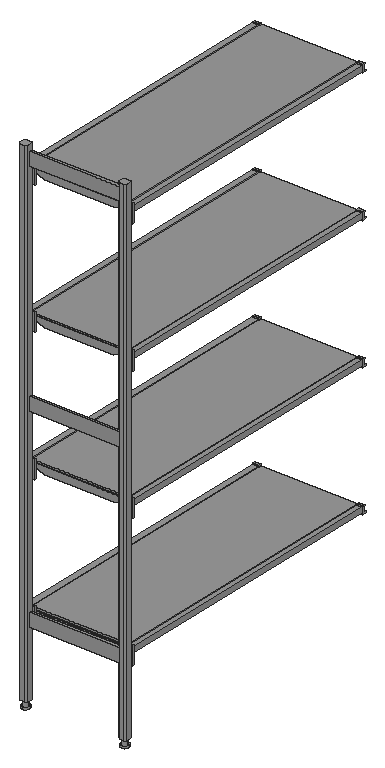
Revit family "QF_ZANUSSI_137053_ACS1006", category Attrezzature speciali, Revit 2020
Family settings
  Quota connettore circolare = Usa diametro
  Tipo di parte = Normale
  Basato su piano di lavoro = No
  Sempre verticale = Sì
  Taglio con vuoti quando caricato = No
  Condiviso = No
  Punto di calcolo locali = No
Parameters (values of type "Standard")
  Weight = 16.00 kg
  Watts = 0 W
  Volts = 0 V
  URL Manufacturer = "http://www.zanussiprofessional.com"
  URL = "http://www.zanussiprofessional.com"
  Steam Supply Size = 0 mm
  Steam Supply Minimum Pressure = 0.0 Pa
  Steam Supply Maximum Pressure = 0.0 Pa
  Steam Consumption per Hour = 0
  Refrigeration Suction Line Size = 0.0 mm
  Refrigeration Liquid Line Size = 0.0 mm
  Refrigerant Compressor Remote = yes
  Prospetto di default = 0.0 mm
  Phase = 0
  Modello = "ACS1006"
  Produttore = "Zanussi"
  Length Actual = 1019.0 mm  # constant formula
  Item Number = "137053"
  Hot Water Size = 0 mm
  Height Actual = 1700.0 mm  # constant formula
  HP = "0 HP"
  Gas Size = 0 mm
  Gas KW = 0
  Gas Input Pressure = 0 W
  Direct Waste Size = 0 mm
  Descrizione = "ALUM.CORNER SHELV.-POLY.TIERS-373X1010MM"
  Depth Actual = 373.0 mm  # constant formula
  Cycle = 0 Hz
  Condensate Return Size = 0 mm
  Compressed Air Volume = 0.0 L/s
  Compressed Air Size = 0 mm
  Compressed Air Pressure = 0.0 Pa
  Cold Water Size = 0 mm
  Accessory = yes
Reference planes
  plane 1: z = 0
  plane 2 "Center (F/B)": y = -163.5
  plane 3 "Front": y = -549.5
  plane 4 "Left": x = -217.5
  plane 5 "Right": x = 155.5
  plane 6 "TOP": z = 1700
  plane 7: y = -513
  plane 8: y = 461
  plane 9 "Center (Left/Right)": x = -31
  plane 10: y = 456
  plane 11: x = -186
  plane 12: x = 124
  plane 13 "FEET": z = 25
  plane 14: z = 275
  plane 15: z = 725
  plane 16: z = 1175
  plane 17: z = 1625
  plane 18 "CXLeft": y = -535.5
  plane 19: x = -200
  plane 20 "CYBack": x = -200
  plane 21 "CYFront": x = 138
  plane 22 "Back": y = 469.5
  plane 23 "LEFT_ORIGIN": x = -251.5
  plane 24 "BACK_Origin": y = 842.5
Forms (mm)
  Extrusion 1, solid, material "QF_Aluminum"
    sketch origin (0, -549.5, 0) x (-1, 0, 0) y (0, 0, 1)
      loop
        line (198.5, 1650.994) -> (198.5, 1632.998) -> (217.5, 1632.998) -> (217.5, 1650.994) -> (198.5, 1650.994)
      loop
        line (-136.5, 1650.994) -> (-155.5, 1650.994) -> (-155.5, 1632.998) -> (-136.5, 1632.998) -> (-136.5, 1650.994)
      loop
        line (198.5, 1200.994) -> (198.5, 1182.998) -> (217.5, 1182.998) -> (217.5, 1200.994) -> (198.5, 1200.994)
      loop
        line (-136.5, 1200.994) -> (-155.5, 1200.994) -> (-155.5, 1182.998) -> (-136.5, 1182.998) -> (-136.5, 1200.994)
      loop
        line (198.5, 750.994) -> (198.5, 732.998) -> (217.5, 732.998) -> (217.5, 750.994) -> (198.5, 750.994)
      loop
        line (-136.5, 750.994) -> (-155.5, 750.994) -> (-155.5, 732.998) -> (-136.5, 732.998) -> (-136.5, 750.994)
      loop
        line (198.5, 300.994) -> (198.5, 282.998) -> (217.5, 282.998) -> (217.5, 300.994) -> (198.5, 300.994)
      loop
        line (-136.5, 300.994) -> (-155.5, 300.994) -> (-155.5, 282.998) -> (-136.5, 282.998) -> (-136.5, 300.994)
    from 36.5 to 1010.5
  Extrusion 2, solid, material "QF_Polyethylene"
    sketch origin (0, -549.5, 0) x (-1, 0, 0) y (0, 0, 1)
      loop
        line (196.507, 1650.994) -> (-134.5, 1650.994) -> (-134.5, 1644.496) -> (196.507, 1644.496) -> (196.507, 1650.994)
      loop
        line (196.507, 1200.994) -> (-134.5, 1200.994) -> (-134.5, 1194.496) -> (196.507, 1194.496) -> (196.507, 1200.994)
      loop
        line (196.507, 750.994) -> (-134.5, 750.994) -> (-134.5, 744.496) -> (196.507, 744.496) -> (196.507, 750.994)
      loop
        line (196.507, 300.994) -> (-134.5, 300.994) -> (-134.5, 294.496) -> (196.507, 294.496) -> (196.507, 300.994)
    from 36.5 to 1010.5
Lines and regions (mm)
  symbolic lines
    curve 1: line (-198.5, 461, 1700) -> (-198.5, -513, 1700)
    curve 2: line (-217.5, -517, 1700) -> (-217.5, 461, 1700)
    curve 3: line (155.5, -517, 1700) -> (155.5, 461, 1700)
    curve 4: line (-181.507, -513, 1700) -> (119.507, -513, 1700)
    curve 5: line (136.5, -513, 1700) -> (136.5, 461, 1700)
    curve 6: line (-198.5, 461, 1700) -> (136.5, 461, 1700)
Dimensions and locks
  plane 3 "Front" to plane 2 "Center (F/B)" = 386.0 mm
  locked: plane 6 "TOP" to level at 1700
  locked: plane 4 "Left" to plane 5 "Right" at 373
  locked: plane 7 to plane 8 at 974
  locked: plane 3 "Front" to plane 7 at 36.5
  plane 10 to plane 8 = 5.0 mm
  locked: plane 11 to plane 12 at 310
  equal spacing: plane 11, plane 9 "Center (Left/Right)", plane 12
  equal spacing: plane 4 "Left", plane 9 "Center (Left/Right)", plane 5 "Right"
  plane 13 "FEET" to level = 25.0 mm
  plane 6 "TOP" to plane 13 "FEET" = 1675.0 mm
  plane 14 to plane 13 "FEET" = 250.0 mm
  plane 15 to plane 14 = 450.0 mm
  plane 16 to plane 15 = 450.0 mm
  plane 17 to plane 16 = 450.0 mm
  locked: plane 3 "Front" to plane 18 "CXLeft" at 14
  locked: plane 3 "Front" to plane 22 "Back" at 1019
  plane 23 "LEFT_ORIGIN" to plane 5 "Right" = 407.0 mm
  locked: plane 22 "Back" to plane 24 "BACK_Origin" at 373
  aligned and locked: level to plane 1
  aligned and locked: Extrusion 2 to plane 7
  aligned and locked: plane 8 to Extrusion 2
  aligned and locked: Extrusion 1 to plane 7
  aligned and locked: plane 8 to Extrusion 1
  aligned and locked: Extrusion 1 sketch curve to Extrusion 1 sketch curve  (x2)
  aligned and locked: nested 1 to plane 18 "CXLeft"
  aligned and locked: nested 2 to plane 10
Automatic sketch dimensions
  curve 2 to plane 4 "Left" = 0.0 mm
  curve 3 to plane 5 "Right" = 0.0 mm
  plane 7 to curve 1 = 0.0 mm
  plane 7 to curve 4 = 0.0 mm
  plane 7 to curve 5 = 0.0 mm
  plane 8 to curve 2 = 0.0 mm
  plane 8 to curve 1 = 0.0 mm
  plane 8 to curve 3 = 0.0 mm
  plane 21 "CYFront" to curve 5 = 1.5 mm
  plane 19 to curve 6 = 1.5 mm
  plane 7 to curve 3 = 4.0 mm
  plane 7 to curve 2 = 4.0 mm
  plane 12 to curve 4 = 4.493 mm
  curve 4 to plane 11 = 4.493 mm
  plane 5 "Right" to Extrusion 1 sketch curve = 0.0 mm  (x4)
  plane 4 "Left" to Extrusion 1 sketch curve = 0.0 mm  (x4)
  plane 21 "CYFront" to Extrusion 1 sketch curve = 1.5 mm  (x2)
  plane 19 to Extrusion 1 sketch curve = 1.5 mm  (x4)
  plane 14 to Extrusion 1 sketch curve = 7.998 mm  (x2)
  Extrusion 1 sketch curve to Extrusion 1 sketch curve = 17.997 mm  (x8)
  plane 15 to Extrusion 1 sketch curve = 7.998 mm  (x2)
  plane 16 to Extrusion 1 sketch curve = 7.998 mm  (x2)
  plane 17 to Extrusion 1 sketch curve = 7.998 mm  (x2)
  plane 21 "CYFront" to Extrusion 2 sketch curve = 3.5 mm  (x4)
  plane 19 to Extrusion 2 sketch curve = 3.493 mm  (x4)
  plane 14 to Extrusion 2 sketch curve = 19.496 mm
  Extrusion 2 sketch curve to Extrusion 2 sketch curve = 6.499 mm  (x4)
  plane 15 to Extrusion 2 sketch curve = 19.496 mm
  plane 16 to Extrusion 2 sketch curve = 19.496 mm
  plane 17 to Extrusion 2 sketch curve = 19.496 mm
Nested families
  nested 1: "WT_Anta373" at (-194.5, -132.5, 0) x (0, 1, 0) z (0, 0, 1), type "WT_Anta373"
  nested 2: "WT_Aggancio373" at (-194.5, 873, 0) x (0, 1, 0) z (0, 0, 1), type "WT_Aggancio373"
Definition of nested family "WT_Anta373"
  Parameters
    WidthLeft = A + 64.0 mm  # 772.0 mm
    Width = 1606.0 mm
    Right = WidthLeft / 2  # 386.0 mm
    Default Elevation = 0.0 mm
    Left = -WidthLeft / 2  # -386.0 mm
    Height = 1725.0 mm
    FEET = 25.0 mm
    E = 0.0 mm
    Dint = Depth - 63.0 mm  # 310.0 mm
    Dext = Depth - 8.0 mm  # 365.0 mm
    Depth = 373.0 mm
    DX = (WidthLeft - A) / 2  # 32.0 mm
    B = 798.0 mm
    A = 708.0 mm
  Reference planes
    plane 1: z = 0
    plane 2 "LEFT": x = -417
    plane 3 "BACK": y = 23
    plane 4 "FRONT": y = -350
    plane 5 "TOP": z = 1725
    plane 6 "Center (Front/Back)": y = -163.5
    plane 7: y = -8.5
    plane 8: y = -318.5
    plane 9 "FEET": z = 25
    plane 10: z = 275
    plane 11: z = 725
    plane 12: z = 1175
    plane 13: z = 1625
    plane 14 "CXLeft": x = -403
    plane 15: y = 5.5
    plane 16 "CYBack": y = 5.5
    plane 17 "CYFront": y = -332.5
    plane 18: x = -385.031
    plane 19: x = -380.031
  Forms (mm)
    Extrusion 1, solid
      sketch origin (0, 0, 0) x (1, 0, 0) y (0, 1, 0)
        loop
          line (-417, 13.246) -> (-417, -2.246) -> (-410.746, -8.5) -> (-395.254, -8.5) -> (-389, -2.246) -> (-389, 13.246) -> (-395.254, 19.5) -> (-410.746, 19.5) -> (-417, 13.246)
      from 1725 to 25
    Extrusion 2, solid
      sketch origin (-417, 0, 0) x (0, 1, 0) y (0, 0, 1)
        loop
          line (23, 246.005) -> (23, 307.993) -> (-12.993, 307.993) -> (-12.993, 246.005) -> (23, 246.005)
        loop
          line (-350, 246.005) -> (-314.007, 246.005) -> (-314.007, 307.993) -> (-350, 307.993) -> (-350, 246.005)
        loop
          line (23, 696.005) -> (23, 757.993) -> (-12.993, 757.993) -> (-12.993, 696.005) -> (23, 696.005)
        loop
          line (-350, 696.005) -> (-314.007, 696.005) -> (-314.007, 757.993) -> (-350, 757.993) -> (-350, 696.005)
        loop
          line (23, 1146.005) -> (23, 1207.993) -> (-12.993, 1207.993) -> (-12.993, 1146.005) -> (23, 1146.005)
        loop
          line (-350, 1146.005) -> (-314.007, 1146.005) -> (-314.007, 1207.993) -> (-350, 1207.993) -> (-350, 1146.005)
        loop
          line (23, 1596.005) -> (23, 1657.993) -> (-12.993, 1657.993) -> (-12.993, 1596.005) -> (23, 1596.005)
        loop
          line (-350, 1596.005) -> (-314.007, 1596.005) -> (-314.007, 1657.993) -> (-350, 1657.993) -> (-350, 1596.005)
      from 28 to 32
    Revolve 3, solid
      sketch origin (-403, 0, 0) x (0, 1, 0) y (0, 0, 1)
        loop
          line (5.5, 25) -> (5.5, 0) -> (19, 0) -> (19, 5) -> (14, 5) -> (14, 25) -> (5.5, 25)
        axis (5.5, 25) -> (5.5, 0)
      angle from 0 to 360
    Extrusion 4, solid
      sketch origin (-403, 0, 0) x (0, 1, 0) y (0, 0, 1)
        loop
          line (-8.5, 912.382) -> (-8.5, 957.374) -> (-318.5, 957.374) -> (-318.5, 912.382) -> (-8.5, 912.382)
        loop
          line (-8.5, 1662.244) -> (-8.5, 1707.236) -> (-318.5, 1707.236) -> (-318.5, 1662.244) -> (-8.5, 1662.244)
      from -5 to 5
    Revolve 5, solid
      sketch origin (-403, -627, 0) x (0, -1, 0) y (0, 0, 1)
        loop
          line (-294.5, 25) -> (-294.5, 0) -> (-281, 0) -> (-281, 5) -> (-286, 5) -> (-286, 25) -> (-294.5, 25)
        axis (-294.5, 25) -> (-294.5, 0)
      angle from 0 to 360
    Extrusion 6, solid
      sketch origin (0, -627, 0) x (1, 0, 0) y (0, 1, 0)
        loop
          line (-417, 286.754) -> (-410.746, 280.5) -> (-395.254, 280.5) -> (-389, 286.754) -> (-389, 302.246) -> (-395.254, 308.5) -> (-410.746, 308.5) -> (-417, 302.246) -> (-417, 286.754)
      from 1725 to 25
    Extrusion 7, solid
      sketch origin (-417.031, -0.022, 0) x (0, 1, 0) y (0, 0, -1)
        loop
          line (-12, -1632.998) -> (-46, -1620.994) -> (-281, -1620.994) -> (-315, -1632.998) -> (-331, -1632.998) -> (-331, -1650.994) -> (-329, -1650.994) -> (-329, -1644.496) -> (2.007, -1644.496) -> (2.007, -1650.994) -> (4, -1650.994) -> (4, -1632.998) -> (-12, -1632.998)
        loop
          line (-12, -1182.998) -> (-46, -1170.994) -> (-281, -1170.994) -> (-315, -1182.998) -> (-331, -1182.998) -> (-331, -1200.994) -> (-329, -1200.994) -> (-329, -1194.496) -> (2.007, -1194.496) -> (2.007, -1200.994) -> (4, -1200.994) -> (4, -1182.998) -> (-12, -1182.998)
        loop
          line (-12, -732.998) -> (-46, -720.994) -> (-281, -720.994) -> (-315, -732.998) -> (-331, -732.998) -> (-331, -750.994) -> (-329, -750.994) -> (-329, -744.496) -> (2.007, -744.496) -> (2.007, -750.994) -> (4, -750.994) -> (4, -732.998) -> (-12, -732.998)
        loop
          line (-12, -282.998) -> (-46, -270.994) -> (-281, -270.994) -> (-315, -282.998) -> (-331, -282.998) -> (-331, -300.994) -> (-329, -300.994) -> (-329, -294.496) -> (2.007, -294.496) -> (2.007, -300.994) -> (4, -300.994) -> (4, -282.998) -> (-12, -282.998)
      from -32 to -37
    Extrusion 8, solid
      sketch origin (-403, 0, -659.878) x (0, 1, 0) y (0, 0, 1)
        loop
          line (-8.5, 912.382) -> (-8.5, 957.374) -> (-318.5, 957.374) -> (-318.5, 912.382) -> (-8.5, 912.382)
        loop
          line (-8.5, 1572.382) -> (-8.5, 1617.374) -> (-318.5, 1617.374) -> (-318.5, 1572.382) -> (-8.5, 1572.382)
        loop
          line (-8.5, 2322.382) -> (-8.5, 2367.374) -> (-318.5, 2367.374) -> (-318.5, 2322.382) -> (-8.5, 2322.382)
      from -5 to 5
  Lines and regions (mm)
    symbolic lines
      curve 1: line (-408, -8.5, 1725) -> (-408, -318.5, 1725)
      curve 2: line (-398, -318.5, 1725) -> (-398, -8.5, 1725)
      curve 3: line (-395.254, -8.5, 1725) -> (-410.746, -8.5, 1725)
      curve 4: line (-417, -2.246, 1725) -> (-410.746, -8.5, 1725)
      curve 5: line (-417, 13.246, 1725) -> (-417, -2.246, 1725)
      curve 6: line (-410.746, 19.5, 1725) -> (-417, 13.246, 1725)
      curve 7: line (-395.254, 19.5, 1725) -> (-410.746, 19.5, 1725)
      curve 8: line (-389, 13.246, 1725) -> (-395.254, 19.5, 1725)
      curve 9: line (-395.254, -8.5, 1725) -> (-389, -2.246, 1725)
      curve 10: line (-395.254, -318.5, 1725) -> (-410.746, -318.5, 1725)
      curve 11: line (-417, -324.754, 1725) -> (-410.746, -318.5, 1725)
      curve 12: line (-410.746, -346.5, 1725) -> (-417, -340.246, 1725)
      curve 13: line (-395.254, -346.5, 1725) -> (-410.746, -346.5, 1725)
      curve 14: line (-389, -340.246, 1725) -> (-395.254, -346.5, 1725)
      curve 15: line (-395.254, -318.5, 1725) -> (-389, -324.754, 1725)
      curve 16: line (-389, -350, 1725) -> (-389, -314.007, 1725)
      curve 17: line (-389, -314.007, 1725) -> (-385, -314.007, 1725)
      curve 18: line (-389, 23, 1725) -> (-389, -12.993, 1725)
      curve 19: line (-389, -12.993, 1725) -> (-385, -12.993, 1725)
      curve 20: line (-417, -324.754, 1725) -> (-417, -340.246, 1725)
      curve 21: line (-385, -350, 1725) -> (-385, -314.007, 1725)
      curve 22: line (-385, -350, 1725) -> (-389, -350, 1725)
      curve 23: line (-385, 23, 1725) -> (-389, 23, 1725)
      curve 24: line (-385, -12.993, 1725) -> (-385, 23, 1725)
      curve 25: line (-385.031, -13.016, 1725) -> (-385.031, -314.029, 1725)
  Dimensions and locks
    "Height": plane 5 "TOP" to level
    "Depth": plane 3 "BACK" to plane 4 "FRONT"
    "Dint": plane 7 to plane 8
    equal spacing: plane 7, plane 6 "Center (Front/Back)", plane 8
    equal spacing: plane 3 "BACK", plane 6 "Center (Front/Back)", plane 4 "FRONT"
    plane 9 "FEET" to level = 25.0 mm
    plane 5 "TOP" to plane 9 "FEET" = 1700.0 mm
    plane 10 to plane 9 "FEET" = 250.0 mm
    plane 11 to plane 10 = 450.0 mm
    plane 12 to plane 11 = 450.0 mm
    plane 13 to plane 12 = 450.0 mm
    locked: plane 2 "LEFT" to plane 14 "CXLeft" at 14
    locked: plane 3 "BACK" to plane 16 "CYBack" at 17.5
    locked: plane 17 "CYFront" to plane 4 "FRONT" at 17.5
    locked: Revolve 3 sketch curve to Revolve 3 sketch curve at 8.5
    locked: Revolve 3 sketch curve to plane 16 "CYBack" at 13.5
    locked: Revolve 5 sketch curve to Revolve 5 sketch curve at 8.5
    aligned and locked: level to plane 1
    aligned and locked: curve 20 to Extrusion 6
    aligned and locked: plane 5 "TOP" to Extrusion 1
    aligned and locked: plane 5 "TOP" to Extrusion 6
    aligned and locked: Extrusion 7 sketch curve to Extrusion 7 sketch curve  (x3)
  Automatic sketch dimensions
    curve 16 to plane 4 "FRONT" = 0.0 mm
    curve 11 to plane 8 = 0.0 mm
    curve 9 to plane 7 = 0.0 mm
    curve 5 to plane 2 "LEFT" = 0.0 mm
    curve 23 to plane 3 "BACK" = 0.0 mm
    plane 4 "FRONT" to curve 13 = 3.5 mm
    curve 20 to plane 17 "CYFront" = 7.746 mm
    curve 20 to plane 8 = 6.254 mm
    plane 8 to curve 16 = 4.493 mm
    curve 24 to plane 18 = 0.031 mm
    curve 24 to plane 7 = 4.493 mm
    plane 7 to curve 5 = 6.254 mm
    curve 5 to plane 15 = 7.746 mm
    curve 6 to plane 3 "BACK" = 3.5 mm
    curve 21 to plane 18 = 0.031 mm
    plane 18 to curve 23 = 3.969 mm
    plane 18 to curve 16 = 3.969 mm
    curve 18 to curve 8 = 6.254 mm
    curve 18 to curve 3 = 6.254 mm
    curve 16 to curve 13 = 6.254 mm
    curve 16 to curve 15 = 6.254 mm
    plane 2 "LEFT" to curve 10 = 6.254 mm
    plane 2 "LEFT" to curve 7 = 6.254 mm
    plane 2 "LEFT" to curve 12 = 6.254 mm
    plane 2 "LEFT" to curve 3 = 6.254 mm
    curve 14 to plane 17 "CYFront" = 7.746 mm
    curve 15 to plane 8 = 6.254 mm
    plane 7 to curve 9 = 6.254 mm
    curve 8 to plane 15 = 7.746 mm
    curve 3 to curve 2 = 2.746 mm
    curve 1 to curve 10 = 2.746 mm
    Extrusion 1 sketch curve to plane 2 "LEFT" = 0.0 mm
    Extrusion 1 sketch curve to plane 7 = 0.0 mm
    plane 2 "LEFT" to Extrusion 1 sketch curve = 6.254 mm  (x2)
    plane 14 "CXLeft" to Extrusion 1 sketch curve = 7.746 mm  (x2)
    Extrusion 1 sketch curve to plane 3 "BACK" = 3.5 mm
    plane 18 to Extrusion 1 sketch curve = 3.969 mm
    plane 7 to Extrusion 1 sketch curve = 6.254 mm  (x2)
    Extrusion 1 sketch curve to plane 15 = 7.746 mm  (x2)
    Extrusion 2 sketch curve to plane 4 "FRONT" = 0.0 mm  (x4)
    Extrusion 2 sketch curve to plane 3 "BACK" = 0.0 mm  (x4)
    plane 8 to Extrusion 2 sketch curve = 4.493 mm  (x4)
    Extrusion 2 sketch curve to plane 7 = 4.493 mm  (x4)
    Extrusion 2 sketch curve to plane 10 = 28.995 mm  (x2)
    plane 10 to Extrusion 2 sketch curve = 32.993 mm  (x2)
    Extrusion 2 sketch curve to plane 11 = 28.995 mm  (x2)
    plane 11 to Extrusion 2 sketch curve = 32.993 mm  (x2)
    Extrusion 2 sketch curve to plane 12 = 28.995 mm  (x2)
    plane 12 to Extrusion 2 sketch curve = 32.993 mm  (x2)
    Extrusion 2 sketch curve to plane 13 = 28.995 mm  (x2)
    plane 13 to Extrusion 2 sketch curve = 32.993 mm  (x2)
    Revolve 3 sketch curve to plane 9 "FEET" = 0.0 mm  (x2)
    Revolve 3 sketch curve to plane 15 = 0.0 mm  (x2)
    Revolve 3 sketch curve to level = 0.0 mm
    level to Revolve 3 sketch curve = 5.0 mm
    Revolve 3 sketch curve to Revolve 3 sketch curve = 11.655 mm
    Extrusion 4 sketch curve to plane 8 = 0.0 mm  (x2)
    Extrusion 4 sketch curve to plane 7 = 0.0 mm  (x2)
    plane 11 to Extrusion 4 sketch curve = 187.382 mm
    Extrusion 4 sketch curve to Extrusion 4 sketch curve = 44.992 mm
    plane 13 to Extrusion 4 sketch curve = 37.244 mm
    Extrusion 4 sketch curve to plane 5 "TOP" = 17.764 mm
    Revolve 5 sketch curve to plane 9 "FEET" = 0.0 mm  (x2)
    Revolve 5 sketch curve to plane 17 "CYFront" = 0.0 mm  (x2)
    Revolve 5 sketch curve to level = 0.0 mm
    Revolve 5 sketch curve to plane 4 "FRONT" = 4.0 mm
    Revolve 5 sketch curve to Revolve 5 sketch curve = 5.0 mm
    level to Revolve 5 sketch curve = 11.655 mm
    Extrusion 6 sketch curve to plane 2 "LEFT" = 0.0 mm
    Extrusion 6 sketch curve to plane 8 = 0.0 mm
    Extrusion 6 sketch curve to plane 2 "LEFT" = 6.254 mm  (x2)
    Extrusion 6 sketch curve to plane 14 "CXLeft" = 7.746 mm  (x2)
    Extrusion 6 sketch curve to plane 4 "FRONT" = 3.5 mm
    Extrusion 6 sketch curve to plane 18 = 3.969 mm
    plane 8 to Extrusion 6 sketch curve = 6.254 mm  (x2)
    plane 17 "CYFront" to Extrusion 6 sketch curve = 7.746 mm  (x2)
    plane 17 "CYFront" to Extrusion 7 sketch curve = 1.478 mm  (x4)
    Extrusion 7 sketch curve to Extrusion 7 sketch curve = 2.0 mm
    plane 8 to Extrusion 7 sketch curve = 3.478 mm  (x4)
    Extrusion 7 sketch curve to plane 10 = 4.006 mm
    Extrusion 7 sketch curve to Extrusion 7 sketch curve = 34.0 mm  (x4)
    Extrusion 7 sketch curve to plane 11 = 4.006 mm
    Extrusion 7 sketch curve to plane 12 = 4.006 mm
    Extrusion 7 sketch curve to plane 13 = 4.006 mm
    Extrusion 7 sketch curve to plane 7 = 37.522 mm  (x4)
    Extrusion 7 sketch curve to plane 7 = 3.522 mm  (x4)
    plane 15 to Extrusion 7 sketch curve = 3.516 mm  (x4)
    plane 15 to Extrusion 7 sketch curve = 1.522 mm  (x4)
    plane 13 to Extrusion 7 sketch curve = 7.998 mm  (x2)
    Extrusion 7 sketch curve to Extrusion 7 sketch curve = 11.498 mm
    Extrusion 7 sketch curve to Extrusion 7 sketch curve = 6.499 mm  (x5)
    plane 12 to Extrusion 7 sketch curve = 25.994 mm  (x2)
    plane 12 to Extrusion 7 sketch curve = 7.998 mm  (x2)
    plane 11 to Extrusion 7 sketch curve = 25.994 mm  (x2)
    plane 11 to Extrusion 7 sketch curve = 7.998 mm  (x2)
    plane 10 to Extrusion 7 sketch curve = 25.994 mm  (x2)
    plane 10 to Extrusion 7 sketch curve = 7.998 mm  (x2)
    curve 25 to plane 18 = 0.0 mm
    plane 8 to curve 25 = 4.471 mm
    curve 25 to plane 7 = 4.516 mm
    Extrusion 8 sketch curve to plane 8 = 0.0 mm  (x3)
    Extrusion 8 sketch curve to plane 7 = 0.0 mm  (x3)
    Extrusion 8 sketch curve to plane 10 = 22.496 mm
    plane 10 to Extrusion 8 sketch curve = 22.496 mm
    plane 11 to Extrusion 8 sketch curve = 187.504 mm
    Extrusion 8 sketch curve to Extrusion 8 sketch curve = 44.992 mm
    plane 13 to Extrusion 8 sketch curve = 37.504 mm
    Extrusion 8 sketch curve to plane 5 "TOP" = 17.504 mm
Definition of nested family "WT_Aggancio373"
  Parameters
    WidthLeft = A + 64.0 mm  # 772.0 mm
    Width = 1606.0 mm
    Right = WidthLeft / 2  # 386.0 mm
    Default Elevation = 0.0 mm
    Left = -WidthLeft / 2  # -386.0 mm
    Height = 1725.0 mm
    FEET = 25.0 mm
    E = 0.0 mm
    Dint = Depth - 63.0 mm  # 310.0 mm
    Dext = Depth - 8.0 mm  # 365.0 mm
    Depth = 373.0 mm
    DX = (WidthLeft - A) / 2  # 32.0 mm
    B = 798.0 mm
    A = 708.0 mm
  Reference planes
    plane 1: z = 0
    plane 2 "LEFT": x = -417
    plane 3 "BACK": y = 23
    plane 4 "FRONT": y = -350
    plane 5 "TOP": z = 1725
    plane 6 "Center (Front/Back)": y = -163.5
    plane 7: y = -8.5
    plane 8: y = -318.5
    plane 9 "FEET": z = 25
    plane 10: z = 275
    plane 11: z = 725
    plane 12: z = 1175
    plane 13: z = 1625
    plane 14: y = 5.5
    plane 15 "CYBack": y = 5.5
    plane 16 "CYFront": y = -332.5
  Forms (mm)
    Extrusion 1, solid
      sketch origin (-380, -0.022, 0) x (0, 1, 0) y (0, 0, 1)
        loop
          line (-12, 1632.998) -> (4, 1632.998) -> (4, 1650.994) -> (2.007, 1650.994) -> (2.007, 1644.496) -> (-329, 1644.496) -> (-329, 1650.994) -> (-331, 1650.994) -> (-331, 1632.998) -> (-315, 1632.998) -> (-281, 1620.994) -> (-46, 1620.994) -> (-12, 1632.998)
        loop
          line (-12, 1182.998) -> (4, 1182.998) -> (4, 1200.994) -> (2.007, 1200.994) -> (2.007, 1194.496) -> (-329, 1194.496) -> (-329, 1200.994) -> (-331, 1200.994) -> (-331, 1182.998) -> (-315, 1182.998) -> (-281, 1170.994) -> (-46, 1170.994) -> (-12, 1182.998)
        loop
          line (-12, 732.998) -> (4, 732.998) -> (4, 750.994) -> (2.007, 750.994) -> (2.007, 744.496) -> (-329, 744.496) -> (-329, 750.994) -> (-331, 750.994) -> (-331, 732.998) -> (-315, 732.998) -> (-281, 720.994) -> (-46, 720.994) -> (-12, 732.998)
        loop
          line (-12, 282.998) -> (4, 282.998) -> (4, 300.994) -> (2.007, 300.994) -> (2.007, 294.496) -> (-329, 294.496) -> (-329, 300.994) -> (-331, 300.994) -> (-331, 282.998) -> (-315, 282.998) -> (-281, 270.994) -> (-46, 270.994) -> (-12, 282.998)
      from -32 to -37
    Extrusion 2, solid
      sketch origin (-793.062, -324.754, 6.5) x (1, 0, 0) y (0, 0, 1)
        loop
          line (385.062, 1644.496) -> (385.062, 1647.496) -> (376.062, 1647.496) -> (376.062, 1620.994) -> (390.031, 1620.994) -> (390.031, 1626.496) -> (381.062, 1626.496) -> (381.062, 1644.496) -> (385.062, 1644.496)
        loop
          line (385.062, 1194.496) -> (385.062, 1197.496) -> (376.062, 1197.496) -> (376.062, 1170.994) -> (390.031, 1170.994) -> (390.031, 1176.496) -> (381.062, 1176.496) -> (381.062, 1194.496) -> (385.062, 1194.496)
        loop
          line (385.062, 744.496) -> (385.062, 747.496) -> (376.062, 747.496) -> (376.062, 720.994) -> (390.031, 720.994) -> (390.031, 726.496) -> (381.062, 726.496) -> (381.062, 744.496) -> (385.062, 744.496)
        loop
          line (385.062, 294.496) -> (385.062, 297.496) -> (376.062, 297.496) -> (376.062, 270.994) -> (390.031, 270.994) -> (390.031, 276.496) -> (381.062, 276.496) -> (381.062, 294.496) -> (385.062, 294.496)
      from 6.268 to 25.246
    Extrusion 3, solid
      sketch origin (-793.062, 32.754, 6.5) x (1, 0, 0) y (0, 0, 1)
        loop
          line (385.062, 1644.496) -> (385.062, 1647.496) -> (376.062, 1647.496) -> (376.062, 1620.994) -> (390.031, 1620.994) -> (390.031, 1626.496) -> (381.062, 1626.496) -> (381.062, 1644.496) -> (385.062, 1644.496)
        loop
          line (385.062, 1194.496) -> (385.062, 1197.496) -> (376.062, 1197.496) -> (376.062, 1170.994) -> (390.031, 1170.994) -> (390.031, 1176.496) -> (381.062, 1176.496) -> (381.062, 1194.496) -> (385.062, 1194.496)
        loop
          line (385.062, 744.496) -> (385.062, 747.496) -> (376.062, 747.496) -> (376.062, 720.994) -> (390.031, 720.994) -> (390.031, 726.496) -> (381.062, 726.496) -> (381.062, 744.496) -> (385.062, 744.496)
        loop
          line (385.062, 294.496) -> (385.062, 297.496) -> (376.062, 297.496) -> (376.062, 270.994) -> (390.031, 270.994) -> (390.031, 276.496) -> (381.062, 276.496) -> (381.062, 294.496) -> (385.062, 294.496)
      from 9.754 to 28.776
  Lines and regions (mm)
    symbolic lines
      curve 1: line (-412, -350, 0) -> (-408, -350, 0)
      curve 2: line (-412, -331.022, 0) -> (-412, -350, 0)
      curve 3: line (-408, -331.022, 0) -> (-412, -331.022, 0)
      curve 4: line (-408, -350, 0) -> (-408, -331.022, 0)
      curve 5: line (-412, 3.978, 0) -> (-408, 3.978, 0)
      curve 6: line (-412, 23, 0) -> (-412, 3.978, 0)
      curve 7: line (-408, 23, 0) -> (-412, 23, 0)
      curve 8: line (-408, 3.978, 0) -> (-408, 23, 0)
  Dimensions and locks
    "Height": plane 5 "TOP" to level
    "Depth": plane 3 "BACK" to plane 4 "FRONT"
    "Dint": plane 7 to plane 8
    equal spacing: plane 7, plane 6 "Center (Front/Back)", plane 8
    equal spacing: plane 3 "BACK", plane 6 "Center (Front/Back)", plane 4 "FRONT"
    plane 9 "FEET" to level = 25.0 mm
    plane 5 "TOP" to plane 9 "FEET" = 1700.0 mm
    plane 10 to plane 9 "FEET" = 250.0 mm
    plane 11 to plane 10 = 450.0 mm
    plane 12 to plane 11 = 450.0 mm
    plane 13 to plane 12 = 450.0 mm
    locked: plane 3 "BACK" to plane 15 "CYBack" at 17.5
    locked: plane 16 "CYFront" to plane 4 "FRONT" at 17.5
    aligned and locked: level to plane 1
    aligned and locked: Extrusion 1 sketch curve to Extrusion 1 sketch curve  (x3)
  Automatic sketch dimensions
    plane 16 "CYFront" to Extrusion 1 sketch curve = 1.478 mm  (x4)
    Extrusion 1 sketch curve to Extrusion 1 sketch curve = 2.0 mm
    plane 8 to Extrusion 1 sketch curve = 3.478 mm  (x4)
    Extrusion 1 sketch curve to plane 10 = 4.006 mm
    Extrusion 1 sketch curve to Extrusion 1 sketch curve = 34.0 mm  (x4)
    Extrusion 1 sketch curve to plane 11 = 4.006 mm
    Extrusion 1 sketch curve to plane 12 = 4.006 mm
    Extrusion 1 sketch curve to plane 13 = 4.006 mm
    Extrusion 1 sketch curve to plane 7 = 37.522 mm  (x4)
    Extrusion 1 sketch curve to plane 7 = 3.522 mm  (x4)
    plane 14 to Extrusion 1 sketch curve = 3.516 mm  (x4)
    plane 14 to Extrusion 1 sketch curve = 1.522 mm  (x4)
    plane 10 to Extrusion 1 sketch curve = 7.998 mm  (x2)
    Extrusion 1 sketch curve to Extrusion 1 sketch curve = 11.498 mm  (x4)
    Extrusion 1 sketch curve to Extrusion 1 sketch curve = 6.499 mm  (x8)
    plane 11 to Extrusion 1 sketch curve = 7.998 mm  (x2)
    plane 12 to Extrusion 1 sketch curve = 7.998 mm  (x2)
    plane 13 to Extrusion 1 sketch curve = 7.998 mm  (x2)
    plane 2 "LEFT" to Extrusion 2 sketch curve = 0.0 mm  (x4)
    plane 13 to Extrusion 2 sketch curve = 7.996 mm
    plane 11 to Extrusion 2 sketch curve = 7.996 mm
    Extrusion 2 sketch curve to Extrusion 2 sketch curve = 5.0 mm  (x4)
    plane 11 to Extrusion 2 sketch curve = 2.494 mm
    plane 10 to Extrusion 2 sketch curve = 28.996 mm
    Extrusion 2 sketch curve to Extrusion 2 sketch curve = 3.0 mm  (x4)
    plane 10 to Extrusion 2 sketch curve = 7.996 mm
    plane 10 to Extrusion 2 sketch curve = 2.494 mm
    Extrusion 2 sketch curve to Extrusion 2 sketch curve = 18.0 mm  (x3)
    plane 12 to Extrusion 2 sketch curve = 2.494 mm
    plane 12 to Extrusion 2 sketch curve = 7.996 mm
    plane 13 to Extrusion 2 sketch curve = 2.494 mm
    plane 2 "LEFT" to Extrusion 3 sketch curve = 0.0 mm  (x4)
    plane 13 to Extrusion 3 sketch curve = 7.996 mm
    plane 11 to Extrusion 3 sketch curve = 7.996 mm
    Extrusion 3 sketch curve to Extrusion 3 sketch curve = 5.0 mm  (x4)
    plane 11 to Extrusion 3 sketch curve = 2.494 mm
    plane 10 to Extrusion 3 sketch curve = 28.996 mm
    Extrusion 3 sketch curve to Extrusion 3 sketch curve = 3.0 mm  (x4)
    plane 10 to Extrusion 3 sketch curve = 7.996 mm
    plane 10 to Extrusion 3 sketch curve = 2.494 mm
    Extrusion 3 sketch curve to Extrusion 3 sketch curve = 18.0 mm  (x3)
    plane 12 to Extrusion 3 sketch curve = 2.494 mm
    plane 12 to Extrusion 3 sketch curve = 7.996 mm
    plane 13 to Extrusion 3 sketch curve = 2.494 mm
    plane 2 "LEFT" to curve 1 = 5.0 mm
    plane 2 "LEFT" to curve 7 = 5.0 mm
    curve 1 to plane 16 "CYFront" = 17.5 mm
    curve 3 to plane 8 = 12.522 mm
    plane 7 to curve 5 = 12.478 mm
    curve 7 to plane 14 = 17.5 mm
    curve 5 to curve 5 = 4.0 mm
    curve 1 to curve 4 = 4.0 mm
    Extrusion 2 sketch curve to Extrusion 2 sketch curve = 4.0 mm  (x4)
    Extrusion 2 sketch curve to Extrusion 2 sketch curve = 8.969 mm  (x4)
    Extrusion 3 sketch curve to Extrusion 3 sketch curve = 4.0 mm  (x4)
    Extrusion 3 sketch curve to Extrusion 3 sketch curve = 8.969 mm  (x4)
